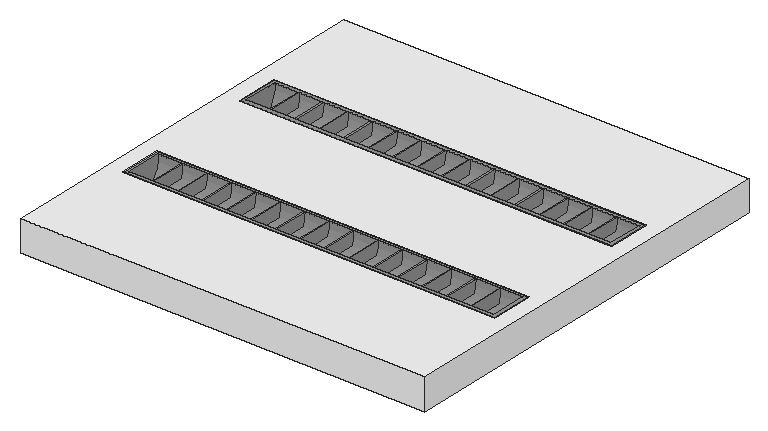
Revit family "0051227 Lighting Fixture_Sylvania_Rana LED 615x615-Dali Dimmable-4000K_Surface Mounted", category Lighting Fixtures, host Face, Revit 2015
Parameters (values of type "RANA LED D W CM+P 3*LL DA 4K")
  Width = 615.0 mm
  Weight = 5.10 kg
  Wattage = 50 W
  built-in parameter 1150110 = 1 (stored number, unit not read)
  Voltage Comments = "UNV (Universal Voltage; 220-240 Volt)"  # constant formula
  Voltage = 230 V  # constant formula
  URL = "http://www.feilosylvania.com/"
  built-in parameter 1114217 = 1 (stored number, unit not read)
  Tilt Angle = -90.00°
  built-in parameter 1150109 = 1 (stored number, unit not read)
  built-in parameter 1150134 = 12
  built-in parameter 1150113 = 1 (stored number, unit not read)
  Reflector Material = Steel_Sylvania_RanaLED_Silver
  Product Page URL = "http://www.feilosylvania.com/product/en-int/products/0051227"
  Product Family = "Rana LED 615x615-Dali Dimmable-4000K Lamp"  # constant formula
  Photometry Comments = ""
  Photometric Web File = "0051227_RANALEDDWCM+P3LLDA4K-186727.ies"
  Louver Length = Length - 50.0 mm  # 565.0 mm
  Life = "50 000h"  # constant formula
  Length = Width  # 615.0 mm
  IP Rating = "20"  # constant formula
  IK Rating = "07"  # constant formula
  Height = 47.0 mm
  Energy Class = "A++, A+, A"  # constant formula
  built-in parameter 1114216 [instance] = 1 (stored number, unit not read)
  Model = "RANA LED D W CM+P 3*LL DA 4K"
  Manufacturer = "Feilo Sylvania"  # constant formula
  built-in parameter 1150105 = 2704.1 (stored number, unit not read)
  Lumens = 4700 lm
  built-in parameter 1150115 = 1 (stored number, unit not read)
  built-in parameter 1150137 = (empty or 0)
  built-in parameter 1150139 = (empty or 0)
  built-in parameter 1150112 = 1 (stored number, unit not read)
  built-in parameter 1150114 = 1 (stored number, unit not read)
  Lamp = "Integrated LED"  # constant formula
  built-in parameter 1150132 = 2
  built-in parameter 1150102 = (empty or 0)
  built-in parameter 1150107 = 4000 (stored number, unit not read)
  built-in parameter 1150138 = (empty or 0)
  built-in parameter 1150106 = 27.041 (stored number, unit not read)
  Emit from Rectangle Width = 287.0 mm  # constant formula
  Emit from Rectangle Length = Louver Length  # 565.0 mm
  Emit Shape Visible in Rendering = no
  built-in parameter 1150104 = 8.7329 (stored number, unit not read)
  Dimming Lamp Color Temperature Shift = <None>
  Description = "Provides perfect uniform light distribution greatly enhancing the lit space. Low profile for ease of installation in restricted ceiling voids. Two stage optic for optimum comfort and efficiency. UGR19 office compliant. Enclosed design reduces dust ingress and improves Lumen Maintenance Factor (LMF). 32W - 69W LED surface luminaire. Rana LED is perfect for office lighting applications, schools, airports and general lighting applications. Available with a satin optic and micro prism diffuser. Available in surface (615 X 615, 1183 X 1187). Rana LED delivers high efficiency up to 6,050lm (luminaire lumen output on 4,000K version), equating to 101lm/W (total system efficiency). Available in warm white (3,000K) and neutral white (4,000K). Integrated LED solution that has the same aesthetics as a T5 or T8 diffuse luminaire. Energy efficient electronic gear including DALI and 3 hour emergency versions as standard. Long lifetime: 50,000 hours life at 70% of the original output L70. Less maintenance is required due to the long lifetime of 50,000hrs. Energy Class: A++, A+, A. LED technology provides an energy efficient solution with reduced maintenance costs. Comes complete with safety cable"  # constant formula
  Default Elevation = 0.0 mm
  Color Filter = 16777215
  Catalog Number = "0051227 RANA LED D W CM+P 3*LL DA 4K"
  built-in parameter 1140040 [instance] = 1
  built-in parameter 1114218 = 1 (stored number, unit not read)
  built-in parameter 1150133 = 10 (stored number, unit not read)
  Assembly Code = "D5020200"
  Apparent Load Comments = ""
  Apparent Load = 48 VA
  Accessory Material = Aluminum_Sylvania_RanaLED_White
Types (4, lengths in mm): name | Wattage | built-in parameter 1150134 | Product Page URL | Photometric Web File | Model | built-in parameter 1150105 | Lumens | built-in parameter 1150107 | built-in parameter 1150106 | Catalog Number | Apparent Load
  RANA LED D W CM+P 2*LL 3K | 31.5957 W | (empty or 0) | "http://www.feilosylvania.com/product/en-int/products/0051223" | "0051223_RANALEDDWCM+P2LL3K-186491.ies" | "RANA LED D W CM+P 2*LL 3K" | 1712 (stored number, unit not read) | 2970 lm | 3000 (stored number, unit not read) | 17.12 (stored number, unit not read) | "0051223 RANA LED D W CM+P 2*LL 3K" | 32 VA
  RANA LED D W CM+P 3*LL 3K | 47.5532 W | (empty or 0) | "http://www.feilosylvania.com/product/en-int/products/0051231" | "0051231_RANALEDDWCM+P3LL3K-186501.ies" | "RANA LED D W CM+P 3*LL 3K" | 355.71 (stored number, unit not read) | 4470 lm | 3000 (stored number, unit not read) | 3.5571 (stored number, unit not read) | "0051231 RANA LED D W CM+P 3*LL 3K" | 48 VA
  RANA LED D W CM+P 3*LL 4K | 50 W | 12 | "http://www.feilosylvania.com/product/en-int/products/0051226" | "0051226_RANALEDDWCM+P3LL4K-186543.ies" | "RANA LED D W CM+P 3*LL 4K" | 2704.1 (stored number, unit not read) | 4700 lm | 4000 (stored number, unit not read) | 27.041 (stored number, unit not read) | "0051226 RANA LED D W CM+P 3*LL 4K" | 48 VA
  RANA LED D W CM+P 3*LL DA 4K | 50 W | 12 | "http://www.feilosylvania.com/product/en-int/products/0051227" | "0051227_RANALEDDWCM+P3LLDA4K-186727.ies" | "RANA LED D W CM+P 3*LL DA 4K" | 2704.1 (stored number, unit not read) | 4700 lm | 4000 (stored number, unit not read) | 27.041 (stored number, unit not read) | "0051227 RANA LED D W CM+P 3*LL DA 4K" | 48 VA
Reference planes
  plane 1 "Center (Front/Back)": y = 0
  plane 2 "Fixture Top": z = 0
  plane 3 "Center (Left/Right)": x = 0
  plane 4 "Fixture Left": x = -307.5
  plane 5 "Fixture Right": x = 307.5
  plane 6 "Fixture Back": y = 307.5
  plane 7 "Fixture Front": y = -307.5
  plane 8: x = -305.5
  plane 9: x = 305.5
  plane 10: y = 305.5
  plane 11: y = -305.5
  plane 12: y = 143.5
  plane 13: x = -282.5
  plane 14: x = 282.5
  plane 15: y = 78.5
  plane 16: y = -143.5
  plane 17: y = -78.5
  plane 18 "Fixture Bottom": z = 47
  plane 19: z = 45
  plane 20: z = 2
Forms (mm)
  Extrusion 1, solid, material "Aluminum_Sylvania_RanaLED_White" <- "Accessory Material", detail levels fine
    sketch origin (0, 0, 60) x (-1, 0, 0) y (0, -1, 0)
      loop
        line (307.5, -307.5) -> (307.5, 307.5) -> (-307.5, 307.5) -> (-307.5, -307.5) -> (307.5, -307.5)
      loop
        line (282.5, -78.5) -> (-282.5, -78.5) -> (-282.5, -143.5) -> (282.5, -143.5) -> (282.5, -78.5)
      loop
        line (-282.5, 78.5) -> (282.5, 78.5) -> (282.5, 143.5) -> (-282.5, 143.5) -> (-282.5, 78.5)
    from -15 to -13
  Extrusion 2, solid, material "Aluminum_Sylvania_RanaLED_White" <- "Accessory Material", detail levels fine
    sketch origin (0, 0, 60) x (-1, 0, 0) y (0, -1, 0)
      loop
        line (-307.5, -307.5) -> (307.5, -307.5) -> (307.5, 307.5) -> (-307.5, 307.5) -> (-307.5, -307.5)
      loop
        line (-305.5, -305.5) -> (305.5, -305.5) -> (305.5, 305.5) -> (-305.5, 305.5) -> (-305.5, -305.5)
    from -58 to -15
  Extrusion 3, solid, material "Aluminum_Sylvania_RanaLED_White" <- "Accessory Material", detail levels fine
    sketch origin (0, 0, 60) x (-1, 0, 0) y (0, -1, 0)
      loop
        line (-307.5, -307.5) -> (307.5, -307.5) -> (307.5, 307.5) -> (-307.5, 307.5) -> (-307.5, -307.5)
    from -60 to -58
  Extrusion 4, solid, material "Aluminum_Sylvania_RanaLED_White" <- "Accessory Material", detail levels coarse+medium
    sketch origin (0, 0, 60) x (-1, 0, 0) y (0, -1, 0)
      loop
        line (307.5, -307.5) -> (307.5, 307.5) -> (-307.5, 307.5) -> (-307.5, -307.5) -> (307.5, -307.5)
    from -60 to -13
Cuts and joins
  joined: Extrusion 1, Extrusion 2, Extrusion 3
Dimensions and locks
  equal spacing: plane 6 "Fixture Back", plane 1 "Center (Front/Back)", plane 7 "Fixture Front"
  "Width": plane 6 "Fixture Back" to plane 7 "Fixture Front"
  equal spacing: plane 4 "Fixture Left", plane 3 "Center (Left/Right)", plane 5 "Fixture Right"
  "Length": plane 4 "Fixture Left" to plane 5 "Fixture Right"
  locked: plane 4 "Fixture Left" to plane 8 at 2
  locked: plane 9 to plane 5 "Fixture Right" at 2
  locked: plane 6 "Fixture Back" to plane 10 at 2
  locked: plane 7 "Fixture Front" to plane 11 at 2
  locked: plane 4 "Fixture Left" to plane 13 at 25
  locked: plane 14 to plane 5 "Fixture Right" at 25
  locked: plane 12 to plane 1 "Center (Front/Back)" at 143.5
  locked: plane 16 to plane 1 "Center (Front/Back)" at 143.5
  locked: plane 1 "Center (Front/Back)" to plane 15 at 78.5
  locked: plane 17 to plane 1 "Center (Front/Back)" at 78.5
  "Height": plane 18 "Fixture Bottom" to plane 2 "Fixture Top"
  locked: plane 18 "Fixture Bottom" to plane 19 at 2
  locked: plane 20 to plane 2 "Fixture Top" at 2
  aligned and locked: plane 2 "Fixture Top" to host face
  aligned and locked: level to host face
  aligned and locked: Extrusion 1 sketch curve to plane 6 "Fixture Back"
  aligned and locked: plane 4 "Fixture Left" to Extrusion 1 sketch curve
  aligned and locked: Extrusion 1 sketch curve to plane 7 "Fixture Front"
  aligned and locked: plane 5 "Fixture Right" to Extrusion 1 sketch curve
  aligned and locked: Extrusion 1 sketch curve to plane 15
  aligned and locked: Extrusion 1 sketch curve to plane 13  (x2)
  aligned and locked: plane 12 to Extrusion 1 sketch curve
  aligned and locked: Extrusion 1 sketch curve to plane 14  (x2)
  aligned and locked: Extrusion 1 sketch curve to plane 17
  aligned and locked: plane 16 to Extrusion 1 sketch curve
  aligned and locked: Extrusion 1 to plane 19
  aligned and locked: plane 18 "Fixture Bottom" to Extrusion 1
  aligned and locked: Extrusion 2 sketch curve to Extrusion 1  (x4)
  aligned and locked: plane 10 to Extrusion 2 sketch curve
  aligned and locked: Extrusion 2 sketch curve to plane 9
  aligned and locked: plane 11 to Extrusion 2 sketch curve
  aligned and locked: Extrusion 2 sketch curve to plane 8
  aligned and locked: Extrusion 2 to plane 20
  aligned and locked: plane 19 to Extrusion 2
  aligned and locked: Extrusion 3 sketch curve to Extrusion 1  (x4)
  aligned and locked: Extrusion 3 to plane 2 "Fixture Top"
  aligned and locked: plane 20 to Extrusion 3
  aligned and locked: plane 14 to nested 1
  aligned and locked: nested 1 to plane 12
  aligned and locked: plane 14 to nested 2
  aligned and locked: plane 17 to nested 2
  aligned and locked: nested 2 to plane 18 "Fixture Bottom"
  aligned and locked: nested 1 to plane 18 "Fixture Bottom"
  aligned and locked: plane 3 "Center (Left/Right)" to imposter light
  aligned and locked: imposter light to plane 1 "Center (Front/Back)"
  aligned and locked: plane 18 "Fixture Bottom" to imposter light
  aligned and locked: Extrusion 4 sketch curve to cut or joined group of Extrusion 1, Extrusion 2, Extrusion 3  (x4)
  aligned and locked: Extrusion 4 to plane 2 "Fixture Top"
  aligned and locked: plane 18 "Fixture Bottom" to Extrusion 4
Automatic sketch dimensions
  host sketch curve to host sketch curve = 1713.741 mm
  host sketch curve to host sketch curve = 1283.632 mm
Nested families
  nested 1: "Reflector Rana LED" at (0, 111, 7) x (0, 1, 0) z (0, 0, 1), type "Type", detail levels fine
    with Length 565.0 mm
  nested 2: "Reflector Rana LED" at (0, -111, 7) x (0, 1, 0) z (0, 0, 1), type "Type", detail levels fine
    with Length 565.0 mm
Connectors
  electrical at (0, 0, 0), driven by "Voltage", driven by "Apparent Load"
    settings: on cut or joined group of Extrusion 1, Extrusion 2, Extrusion 3, index 1, voltage 230 V, apparent load 0 VA, apparent load phase1 48 VA, apparent load phase2 0 VA, apparent load phase3 0 VA, power factor 1, load classification "Lighting", number of poles 1, system type 31, power factor state 1, is connector primary yes, connector utility no, sub classification motor no, connector description ""
Definition of nested family "Reflector Rana LED"
  Parameters
    Length = 558.0 mm
    Lamella Number = Length / 39.0 mm  # 14
    Height = 40.0 mm
    Width = 65.0 mm
    Default Elevation = 0.0 mm
    Reflector Material = none
  Reference planes
    plane 1 "Center (Front/Back)": y = 0
    plane 2: z = 0
    plane 3 "Center (Left/Right)": x = 0
    plane 4: x = 32.5
    plane 5: x = -32.5
    plane 6: z = 40
    plane 7: x = -27.5
    plane 8: x = 27.5
    plane 9: z = 3
    plane 10: x = -15
    plane 11: x = 15
    plane 12: y = 279
    plane 13: y = -279
    plane 14: y = 239
    plane 15: y = -239
    plane 16: y = 274
    plane 17: y = -274
    plane 18: z = 20
    plane 19: z = 38.5
  Forms (mm)
    Extrusion 1, solid, material <- "Reflector Material"
      sketch origin (0, 0, 0) x (1, 0, 0) y (0, 0, 1)
        loop
          line (-27.5, 40) -> (-32.5, 40) -> (-32.5, 0) -> (32.5, 0) -> (32.5, 40) -> (27.5, 40)
          arc (27.5, 40) -> (24.712, 20.33) -> (15, 3) r 54
          line (15, 3) -> (-15, 3)
          arc (-15, 3) -> (-24.712, 20.33) -> (-27.5, 40) r 54
      from -279 to 279
    Extrusion 2, solid, material <- "Reflector Material"
      sketch origin (0, 0, 0) x (1, 0, 0) y (0, 0, 1)
        loop
          line (32.5, 40) -> (-32.5, 40) -> (-32.5, 0) -> (32.5, 0) -> (32.5, 40)
      from 274 to 279
    Extrusion 3, solid, material <- "Reflector Material"
      sketch origin (0, 0, 0) x (1, 0, 0) y (0, 0, -1)
        loop
          line (32.5, -40) -> (32.5, 0) -> (-32.5, 0) -> (-32.5, -40) -> (32.5, -40)
      from 274 to 279
    Extrusion 4, solid, material <- "Reflector Material"
      sketch origin (0, -1, 0) x (1, 0, 0) y (0, 0, 1)
        loop
          line (-24.599, 20) -> (24.599, 20)
          arc (24.599, 20) -> (26.881, 29.121) -> (27.545, 38.5) r 54
          line (27.545, 38.5) -> (-27.545, 38.5)
          arc (-27.545, 38.5) -> (-26.881, 29.121) -> (-24.599, 20) r 54
      from -240 to -238
    Extrusion 5, solid, material <- "Reflector Material"
      sketch origin (0, -477, 0) x (1, 0, 0) y (0, 0, 1)
        loop
          line (-24.599, 20) -> (24.599, 20)
          arc (24.599, 20) -> (26.881, 29.121) -> (27.545, 38.5) r 54
          line (27.545, 38.5) -> (-27.545, 38.5)
          arc (-27.545, 38.5) -> (-26.881, 29.121) -> (-24.599, 20) r 54
      from -240 to -238
    Extrusion 6, solid, material <- "Reflector Material"
      sketch origin (0, -37.615, 0) x (1, 0, 0) y (0, 0, 1)
        loop
          line (-24.599, 20) -> (24.599, 20)
          arc (24.599, 20) -> (26.881, 29.121) -> (27.545, 38.5) r 54
          line (27.545, 38.5) -> (-27.545, 38.5)
          arc (-27.545, 38.5) -> (-26.881, 29.121) -> (-24.599, 20) r 54
      from -240 to -238
    Extrusion 7, solid, material <- "Reflector Material"
      sketch origin (0, -74.231, 0) x (1, 0, 0) y (0, 0, 1)
        loop
          line (-24.599, 20) -> (24.599, 20)
          arc (24.599, 20) -> (26.881, 29.121) -> (27.545, 38.5) r 54
          line (27.545, 38.5) -> (-27.545, 38.5)
          arc (-27.545, 38.5) -> (-26.881, 29.121) -> (-24.599, 20) r 54
      from -240 to -238
    Extrusion 8, solid, material <- "Reflector Material"
      sketch origin (0, -110.846, 0) x (1, 0, 0) y (0, 0, 1)
        loop
          line (-24.599, 20) -> (24.599, 20)
          arc (24.599, 20) -> (26.881, 29.121) -> (27.545, 38.5) r 54
          line (27.545, 38.5) -> (-27.545, 38.5)
          arc (-27.545, 38.5) -> (-26.881, 29.121) -> (-24.599, 20) r 54
      from -240 to -238
    Extrusion 9, solid, material <- "Reflector Material"
      sketch origin (0, -147.462, 0) x (1, 0, 0) y (0, 0, 1)
        loop
          line (-24.599, 20) -> (24.599, 20)
          arc (24.599, 20) -> (26.881, 29.121) -> (27.545, 38.5) r 54
          line (27.545, 38.5) -> (-27.545, 38.5)
          arc (-27.545, 38.5) -> (-26.881, 29.121) -> (-24.599, 20) r 54
      from -240 to -238
    Extrusion 10, solid, material <- "Reflector Material"
      sketch origin (0, -184.077, 0) x (1, 0, 0) y (0, 0, 1)
        loop
          line (-24.599, 20) -> (24.599, 20)
          arc (24.599, 20) -> (26.881, 29.121) -> (27.545, 38.5) r 54
          line (27.545, 38.5) -> (-27.545, 38.5)
          arc (-27.545, 38.5) -> (-26.881, 29.121) -> (-24.599, 20) r 54
      from -240 to -238
    Extrusion 11, solid, material <- "Reflector Material"
      sketch origin (0, -220.692, 0) x (1, 0, 0) y (0, 0, 1)
        loop
          line (-24.599, 20) -> (24.599, 20)
          arc (24.599, 20) -> (26.881, 29.121) -> (27.545, 38.5) r 54
          line (27.545, 38.5) -> (-27.545, 38.5)
          arc (-27.545, 38.5) -> (-26.881, 29.121) -> (-24.599, 20) r 54
      from -240 to -238
    Extrusion 12, solid, material <- "Reflector Material"
      sketch origin (0, -257.308, 0) x (1, 0, 0) y (0, 0, 1)
        loop
          line (-24.599, 20) -> (24.599, 20)
          arc (24.599, 20) -> (26.881, 29.121) -> (27.545, 38.5) r 54
          line (27.545, 38.5) -> (-27.545, 38.5)
          arc (-27.545, 38.5) -> (-26.881, 29.121) -> (-24.599, 20) r 54
      from -240 to -238
    Extrusion 13, solid, material <- "Reflector Material"
      sketch origin (0, -293.923, 0) x (1, 0, 0) y (0, 0, 1)
        loop
          line (-24.599, 20) -> (24.599, 20)
          arc (24.599, 20) -> (26.881, 29.121) -> (27.545, 38.5) r 54
          line (27.545, 38.5) -> (-27.545, 38.5)
          arc (-27.545, 38.5) -> (-26.881, 29.121) -> (-24.599, 20) r 54
      from -240 to -238
    Extrusion 14, solid, material <- "Reflector Material"
      sketch origin (0, -330.538, 0) x (1, 0, 0) y (0, 0, 1)
        loop
          line (-24.599, 20) -> (24.599, 20)
          arc (24.599, 20) -> (26.881, 29.121) -> (27.545, 38.5) r 54
          line (27.545, 38.5) -> (-27.545, 38.5)
          arc (-27.545, 38.5) -> (-26.881, 29.121) -> (-24.599, 20) r 54
      from -240 to -238
    Extrusion 15, solid, material <- "Reflector Material"
      sketch origin (0, -367.154, 0) x (1, 0, 0) y (0, 0, 1)
        loop
          line (-24.599, 20) -> (24.599, 20)
          arc (24.599, 20) -> (26.881, 29.121) -> (27.545, 38.5) r 54
          line (27.545, 38.5) -> (-27.545, 38.5)
          arc (-27.545, 38.5) -> (-26.881, 29.121) -> (-24.599, 20) r 54
      from -240 to -238
    Extrusion 16, solid, material <- "Reflector Material"
      sketch origin (0, -403.769, 0) x (1, 0, 0) y (0, 0, 1)
        loop
          line (-24.599, 20) -> (24.599, 20)
          arc (24.599, 20) -> (26.881, 29.121) -> (27.545, 38.5) r 54
          line (27.545, 38.5) -> (-27.545, 38.5)
          arc (-27.545, 38.5) -> (-26.881, 29.121) -> (-24.599, 20) r 54
      from -240 to -238
    Extrusion 17, solid, material <- "Reflector Material"
      sketch origin (0, -440.385, 0) x (1, 0, 0) y (0, 0, 1)
        loop
          line (-24.599, 20) -> (24.599, 20)
          arc (24.599, 20) -> (26.881, 29.121) -> (27.545, 38.5) r 54
          line (27.545, 38.5) -> (-27.545, 38.5)
          arc (-27.545, 38.5) -> (-26.881, 29.121) -> (-24.599, 20) r 54
      from -240 to -238
  Cuts and joins
    joined: Extrusion 1, Extrusion 2, Extrusion 3
  Dimensions and locks
    equal spacing: plane 4, plane 3 "Center (Left/Right)", plane 5
    "Width": plane 5 to plane 4
    "Height": plane 6 to level
    locked: plane 7 to plane 5 at 5
    locked: plane 8 to plane 4 at 5
    locked: plane 5 to plane 10 at 17.5
    locked: plane 4 to plane 11 at 17.5
    equal spacing: plane 13, plane 1 "Center (Front/Back)", plane 12
    "Length": plane 12 to plane 13
    locked: plane 12 to plane 14 at 40
    locked: plane 15 to plane 13 at 40
    locked: plane 17 to plane 13 at 5
    locked: plane 12 to plane 16 at 5
    equal spacing: group 1, group 3, group 4, group 5, group 6, group 7, group 8, group 9, group 10, group 11, group 12, group 13, group 14, group 2  (x2)
    equal spacing: group 2, group 14, group 13, group 12, group 11, group 10, group 9, group 8, group 7, group 6, group 5, group 4, group 3, group 1
    locked: plane 6 to plane 19 at 1.5
    locked: plane 6 to plane 18 at 20
    locked: plane 6 to plane 9 at 37
    aligned and locked: level to plane 2
    aligned and locked: plane 10 to Extrusion 1 sketch curve
    aligned and locked: plane 6 to Extrusion 1 sketch curve
    aligned and locked: plane 7 to Extrusion 1 sketch curve
    aligned and locked: plane 8 to Extrusion 1 sketch curve
    aligned and locked: plane 9 to Extrusion 1 sketch curve  (x2)
    aligned and locked: plane 11 to Extrusion 1 sketch curve
    aligned and locked: Extrusion 1 sketch curve to plane 5
    aligned and locked: plane 2 to Extrusion 1 sketch curve
    aligned and locked: Extrusion 1 sketch curve to plane 4
    aligned and locked: Extrusion 1 sketch curve to plane 6  (x2)
    aligned and locked: plane 12 to Extrusion 1
    aligned and locked: Extrusion 1 to plane 13
    aligned and locked: Extrusion 2 sketch curve to Extrusion 1  (x4)
    aligned and locked: Extrusion 2 to plane 13
    aligned and locked: Extrusion 2 to plane 17
    aligned and locked: plane 12 to Extrusion 3
    aligned and locked: Extrusion 3 to plane 16
    aligned and locked: Extrusion 4 to plane 14
    aligned and locked: Extrusion 5 to plane 15
    aligned and locked: plane 14 to Extrusion 4
    aligned and locked: Extrusion 4 to plane 18
    aligned and locked: plane 19 to Extrusion 4
    aligned and locked: plane 19 to Extrusion 5
    aligned and locked: Extrusion 5 to plane 18
  Automatic sketch dimensions
    Extrusion 1 sketch curve to plane 19 = 0.886 mm  (x2)
    plane 5 to Extrusion 3 sketch curve = 0.0 mm
    Extrusion 3 sketch curve to level = 0.0 mm
    Extrusion 3 sketch curve to plane 4 = 0.0 mm
    Extrusion 3 sketch curve to plane 6 = 0.0 mm
    Extrusion 4 sketch curve to Extrusion 4 sketch curve = 2.946 mm  (x2)
    Extrusion 4 sketch curve to Extrusion 4 sketch curve = 49.199 mm
    Extrusion 4 sketch curve to Extrusion 4 sketch curve = 1.098 mm  (x2)
    Extrusion 4 sketch curve to Extrusion 4 sketch curve = 18.5 mm
    Extrusion 5 sketch curve to Extrusion 5 sketch curve = 2.946 mm  (x2)
    Extrusion 5 sketch curve to Extrusion 5 sketch curve = 49.199 mm
    Extrusion 5 sketch curve to Extrusion 5 sketch curve = 1.098 mm  (x2)
    Extrusion 5 sketch curve to Extrusion 5 sketch curve = 18.5 mm
    Extrusion 6 sketch curve to Extrusion 6 sketch curve = 2.946 mm  (x2)
    Extrusion 6 sketch curve to Extrusion 6 sketch curve = 49.199 mm
    Extrusion 6 sketch curve to Extrusion 6 sketch curve = 1.098 mm  (x2)
    Extrusion 6 sketch curve to Extrusion 6 sketch curve = 18.5 mm
    Extrusion 7 sketch curve to Extrusion 7 sketch curve = 2.946 mm  (x2)
    Extrusion 7 sketch curve to Extrusion 7 sketch curve = 49.199 mm
    Extrusion 7 sketch curve to Extrusion 7 sketch curve = 1.098 mm  (x2)
    Extrusion 7 sketch curve to Extrusion 7 sketch curve = 18.5 mm
    Extrusion 8 sketch curve to Extrusion 8 sketch curve = 2.946 mm  (x2)
    Extrusion 8 sketch curve to Extrusion 8 sketch curve = 49.199 mm
    Extrusion 8 sketch curve to Extrusion 8 sketch curve = 1.098 mm  (x2)
    Extrusion 8 sketch curve to Extrusion 8 sketch curve = 18.5 mm
    Extrusion 9 sketch curve to Extrusion 9 sketch curve = 2.946 mm  (x2)
    Extrusion 9 sketch curve to Extrusion 9 sketch curve = 49.199 mm
    Extrusion 9 sketch curve to Extrusion 9 sketch curve = 1.098 mm  (x2)
    Extrusion 9 sketch curve to Extrusion 9 sketch curve = 18.5 mm
    Extrusion 10 sketch curve to Extrusion 10 sketch curve = 2.946 mm  (x2)
    Extrusion 10 sketch curve to Extrusion 10 sketch curve = 49.199 mm
    Extrusion 10 sketch curve to Extrusion 10 sketch curve = 1.098 mm  (x2)
    Extrusion 10 sketch curve to Extrusion 10 sketch curve = 18.5 mm
    Extrusion 11 sketch curve to Extrusion 11 sketch curve = 2.946 mm  (x2)
    Extrusion 11 sketch curve to Extrusion 11 sketch curve = 49.199 mm
    Extrusion 11 sketch curve to Extrusion 11 sketch curve = 1.098 mm  (x2)
    Extrusion 11 sketch curve to Extrusion 11 sketch curve = 18.5 mm
    Extrusion 12 sketch curve to Extrusion 12 sketch curve = 2.946 mm  (x2)
    Extrusion 12 sketch curve to Extrusion 12 sketch curve = 49.199 mm
    Extrusion 12 sketch curve to Extrusion 12 sketch curve = 1.098 mm  (x2)
    Extrusion 12 sketch curve to Extrusion 12 sketch curve = 18.5 mm
    Extrusion 13 sketch curve to Extrusion 13 sketch curve = 2.946 mm  (x2)
    Extrusion 13 sketch curve to Extrusion 13 sketch curve = 49.199 mm
    Extrusion 13 sketch curve to Extrusion 13 sketch curve = 1.098 mm  (x2)
    Extrusion 13 sketch curve to Extrusion 13 sketch curve = 18.5 mm
    Extrusion 14 sketch curve to Extrusion 14 sketch curve = 2.946 mm  (x2)
    Extrusion 14 sketch curve to Extrusion 14 sketch curve = 49.199 mm
    Extrusion 14 sketch curve to Extrusion 14 sketch curve = 1.098 mm  (x2)
    Extrusion 14 sketch curve to Extrusion 14 sketch curve = 18.5 mm
    Extrusion 15 sketch curve to Extrusion 15 sketch curve = 2.946 mm  (x2)
    Extrusion 15 sketch curve to Extrusion 15 sketch curve = 49.199 mm
    Extrusion 15 sketch curve to Extrusion 15 sketch curve = 1.098 mm  (x2)
    Extrusion 15 sketch curve to Extrusion 15 sketch curve = 18.5 mm
    Extrusion 16 sketch curve to Extrusion 16 sketch curve = 2.946 mm  (x2)
    Extrusion 16 sketch curve to Extrusion 16 sketch curve = 49.199 mm
    Extrusion 16 sketch curve to Extrusion 16 sketch curve = 1.098 mm  (x2)
    Extrusion 16 sketch curve to Extrusion 16 sketch curve = 18.5 mm
    Extrusion 17 sketch curve to Extrusion 17 sketch curve = 2.946 mm  (x2)
    Extrusion 17 sketch curve to Extrusion 17 sketch curve = 49.199 mm
    Extrusion 17 sketch curve to Extrusion 17 sketch curve = 1.098 mm  (x2)
    Extrusion 17 sketch curve to Extrusion 17 sketch curve = 18.5 mm
